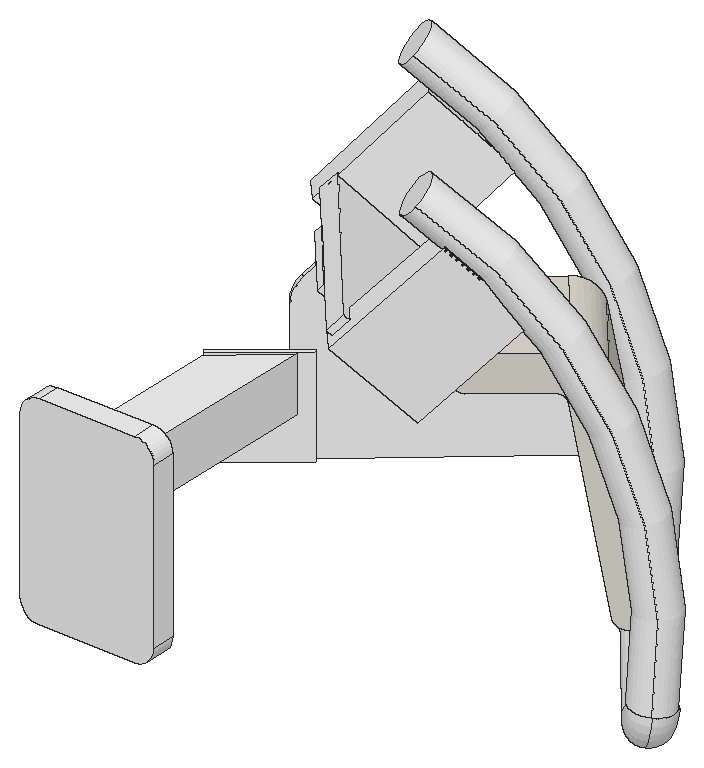
Revit family "立位サポート（壁付）", category 手すり, Revit 2018
Family settings
  ホスト = 壁
  常に垂直 = はい
  ロード時にボイドで切り取り = いいえ
  共有 = いいえ
Parameters (values of type "タイプ 1")
  塗装色 = 笠木No.10プレーンホワイト
  クッション色 = 笠木No.11アイボリーホワイト
Reference planes
  plane 1 "壁": y = 0
  plane 2 "中心(左/右)": x = 125
  plane 3 "背面": y = 75
  plane 4: z = 1059
Forms (mm)
  Extrusion 1, solid, material "笠木No.10プレーンホワイト" <- "塗装色"
    sketch origin (0, 0, -462.261) x (1, 0, 0) y (0, 0, 1)
      loop
        arc (-654.367, 1382.261) -> (-643.265, 1386.86) -> (-638.667, 1397.961) r 15.7
        line (-638.667, 1397.961) -> (-638.667, 1531.561)
        arc (-638.667, 1531.561) -> (-643.265, 1542.663) -> (-654.367, 1547.261) r 15.7
        line (-654.367, 1547.261) -> (-731.967, 1547.261)
        arc (-731.967, 1547.261) -> (-743.068, 1542.663) -> (-747.667, 1531.561) r 15.7
        line (-747.667, 1531.561) -> (-747.667, 1397.961)
        arc (-747.667, 1397.961) -> (-743.068, 1386.86) -> (-731.967, 1382.261) r 15.7
        line (-731.967, 1382.261) -> (-654.367, 1382.261)
    from -94 to -75
  Extrusion 2, solid, material "笠木No.10プレーンホワイト" <- "塗装色"
    sketch origin (-52.097, -474.526, 0) x (1, 0, 0) y (0, 1, 0)
      loop
        line (-617.765, 568.526) -> (-617.765, 733.846) -> (-662.903, 695.972) -> (-662.903, 568.526) -> (-617.765, 568.526)
    from 1014 to 1059
  Extrusion 3, solid, material "笠木No.10プレーンホワイト" <- "塗装色"
    sketch origin (-9.075, -104.998, 0) x (1, 0, 0) y (0, 1, 0)
      loop
        line (-651.324, 372.259) -> (-658.138, 380.379) -> (-661.847, 377.266) -> (-660.818, 376.041) -> (-669.436, 368.809) -> (-666.544, 365.362) -> (-708.817, 329.89) -> (-705.925, 326.443) -> (-651.324, 372.259)
    from 980 to 1060
  Extrusion 4, solid, material "笠木No.10プレーンホワイト" <- "塗装色"
    sketch origin (-297.498, 577.645, -312.928) x (-0.766044, -0.642788, 0) y (0, 0, 1)
      loop
        line (307.351, 1292.928) -> (484.294, 1292.928)
        arc (484.294, 1292.928) -> (491.365, 1295.857) -> (494.294, 1302.928) r 10
        line (494.294, 1302.928) -> (494.294, 1403.949)
        arc (494.294, 1403.949) -> (492.01, 1415.429) -> (485.507, 1425.162) r 30
        line (485.507, 1425.162) -> (477.323, 1433.346) -> (427.826, 1383.848)
        arc (427.826, 1383.848) -> (425.705, 1382.97) -> (423.583, 1383.848) r 3
        line (423.583, 1383.848) -> (420.755, 1386.677)
        arc (420.755, 1386.677) -> (418.469, 1386.882) -> (416.516, 1388.087) r 5
        line (416.516, 1388.087) -> (415.805, 1388.798) -> (405.978, 1378.97)
        arc (405.978, 1378.97) -> (399.327, 1374.527) -> (391.482, 1372.966) r 20.5
        line (391.482, 1372.966) -> (391.482, 1371.494)
        arc (391.482, 1371.494) -> (389.43, 1366.551) -> (384.486, 1364.502) r 7
        line (384.486, 1364.502) -> (328.363, 1364.502)
        arc (328.363, 1364.502) -> (321.929, 1362.158) -> (318.512, 1356.224) r 10
        line (318.512, 1356.224) -> (307.351, 1292.928)
    from 0 to 4.5
  Extrusion 5, solid, material "笠木No.10プレーンホワイト" <- "塗装色"
    sketch origin (-1066.933, -15.444, -265.347) x (0.766044, 0.642788, 0) y (0, 0, 1)
      loop
        line (547.068, 1334.146) -> (551.311, 1338.388) -> (497.571, 1392.128) -> (493.328, 1387.886) -> (547.068, 1334.146)
    from 0 to 76
  Extrusion 6, solid, material "笠木No.11アイボリーホワイト" <- "クッション色"
    sketch origin (-1122.029, -43.076, -321.369) x (0.766044, 0.642788, 0) y (0, 0, 1)
      loop
        line (646.835, 1372.943) -> (702.958, 1372.943)
        arc (702.958, 1372.943) -> (709.392, 1370.599) -> (712.809, 1364.665) r 10
        line (712.809, 1364.665) -> (740.567, 1207.24)
        arc (740.567, 1207.24) -> (744.681, 1200.79) -> (752.15, 1199.136) r 10
        line (752.15, 1199.136) -> (761.013, 1200.699)
        arc (761.013, 1200.699) -> (767.469, 1204.811) -> (769.125, 1212.283) r 10
        line (769.125, 1212.283) -> (739.18, 1382.111)
        arc (739.18, 1382.111) -> (730.971, 1396.328) -> (715.545, 1401.943) r 24
        line (715.545, 1401.943) -> (646.839, 1401.943)
        arc (646.839, 1401.943) -> (641.886, 1399.89) -> (639.839, 1394.935) r 7
        line (639.839, 1394.935) -> (639.839, 1379.935)
        arc (639.839, 1379.935) -> (641.891, 1374.992) -> (646.835, 1372.943) r 7
    from 0 to 100
  Extrusion 7, solid, material "笠木No.10プレーンホワイト" <- "塗装色"
    sketch origin (-1003.487, 43.341, -292.344) x (0.766044, 0.642788, 0) y (0, 0, 1)
      loop
        arc (489.951, 1362.46) -> (483.833, 1363.676) -> (478.645, 1367.138) r 16
        line (478.645, 1367.138) -> (468.809, 1376.974) -> (465.627, 1373.792) -> (475.455, 1363.965)
        arc (475.455, 1363.965) -> (482.106, 1359.521) -> (489.951, 1357.96) r 20.5
        line (489.951, 1357.96) -> (489.951, 1362.46)
    from 0 to 80
  Extrusion 8, solid, material "笠木No.10プレーンホワイト" <- "塗装色"
    sketch origin (-654.713, 385.277, 41.082) x (0.541675, 0.454519, 0.707107) y (-0.541675, -0.454519, 0.707107)
      loop
        line (730.116, 741.294) -> (730.116, 821.294) -> (714.116, 821.294) -> (714.116, 741.294) -> (730.116, 741.294)
    from -6.879 to 177.936
  Extrusion 9, solid, material "笠木No.10プレーンホワイト" <- "塗装色"
    sketch origin (400.003, 787.69, 121.973) x (0.649546, -0.758857, -0.047168) y (-0.516195, -0.485687, 0.705443)
      loop
        line (-237.539, 1504.761) -> (-262.539, 1504.761) -> (-262.539, 1424.761) -> (-237.539, 1424.761) -> (-237.539, 1504.761)
    from 0 to 105
  Extrusion 10, solid, material "笠木No.10プレーンホワイト" <- "塗装色"
    sketch origin (-6.347, 1251.514, 121.973) x (-0.661073, 0.748838, -0.047168) y (0.552801, 0.443577, -0.705443)
      loop
        line (-237.539, -1504.761) -> (-237.539, -1424.761) -> (-262.539, -1424.761) -> (-262.539, -1504.761) -> (-237.539, -1504.761)
    from 0 to 105
  Sweep 11, solid, material "笠木No.10プレーンホワイト" <- "塗装色"
    path origin (-1362.013, -640.397, -126.104) x (0.809017, 0.587785, 0) y (0, 0, 1)
      loop
        arc (1159.23, 1350.809) -> (1284.071, 1184.974) -> (1309.063, 978.912) r 400.255
    profile origin (-323.178, 114.361, 1058.871) x (0.750404, 0.5452, 0.373699) y (0.587785, -0.809017, 0)
      loop
        circle (0, -433.508) r 17
  Sweep 12, solid, material "笠木No.10プレーンホワイト" <- "塗装色"
    path origin (-1735.08, -134.8, -125.147) x (0.788011, 0.615661, 0) y (0, 0, -1)
      loop
        arc (1159.23, -1350.809) -> (1284.071, -1184.974) -> (1309.063, -978.912) r 400.255
    profile origin (-723.219, 655.753, 1059.827) x (-0.730919, -0.571057, -0.373699) y (-0.615661, 0.788011, 0)
      loop
        circle (0, -433.508) r 17
  Sweep 13, solid, material "笠木No.10プレーンホワイト" <- "塗装色"
    path origin (609.421, -1539.599, 121.048) x (0.629577, -0.776923, 0.004857) y (0.105035, 0.091306, 0.990268)
      loop
        arc (-2098.665, 786.306) -> (-2107.452, 765.093) -> (-2128.665, 756.306) r 30
        line (-2128.665, 756.306) -> (-2278.665, 756.306)
        arc (-2278.665, 756.306) -> (-2299.879, 765.093) -> (-2308.665, 786.306) r 30
    profile origin (-637.02, 167.587, 868.459) x (0.370907, -0.613931, -0.696791) y (-0.769806, -0.62294, 0.139088)
      loop
        circle (-8.787, -257.835) r 17
Text (mm)
  text "配置側" at (-1848.837, 1116.779, 0), in view "参照レベル"
  text "配置側" at (0, 1409.804, 2854.306), in view "左"
  text "配置側" at (0, 499.811, 2980.732), in view "右"
Dimensions and locks
  locked: plane 3 "背面" to host wall
  Extrusion 1 to Sweep 11 = 418.52 mm
  Extrusion 1 to Extrusion 1 = 165 mm
  aligned and locked: plane 1 "壁" to host wall
